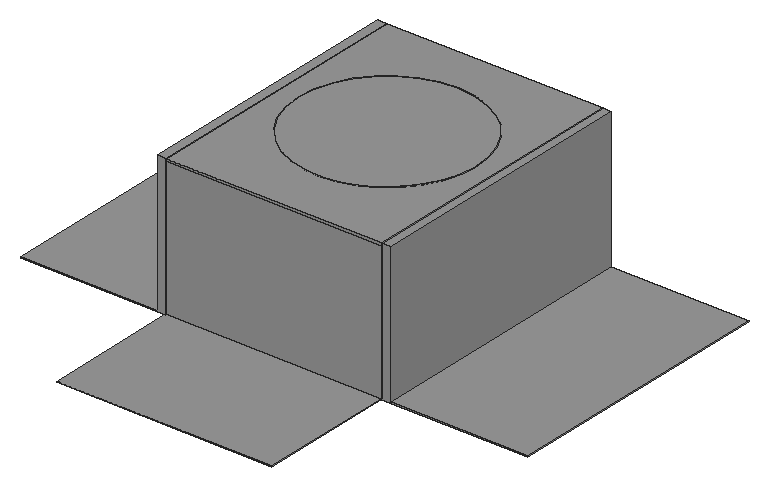
Revit family "OKA-G Anbaueinheit für GESR9, Höhe 40-240mm", category Generic Models, Revit 2015
Parameters (values of type "OKA-G A 40240R9")
  Width = 400 mm
  URL = "http://www.obo-bettermann.com"
  Material = Steel, Galvanized
  Manufacturer Art. No. = "7424004"
  Manufacturer = "OBO Bettermann"
  Length = 473 mm
  HeightCalc [instance] = if(Height < 40 mm, 40 mm, (if(Height > 240 mm, 240 mm, Height)))  # 240 mm
  Height [instance] = 500 mm
  GTIN = "4012195242949"
  Article Type = "OKA-G40040140"
Reference planes
  plane 1 "Center (Front/Back)": y = 0
  plane 2: z = 0
  plane 3 "Center (Left/Right)": x = 0
  plane 4: z = 240
  plane 5: y = -473
  plane 6: x = 200
  plane 7: x = -200
Forms (mm)
  Extrusion 1, solid, material "Aluminum 6061"
    sketch origin (0, 0, 0) x (1, 0, 0) y (0, 0, 1)
      loop
        line (185, 240) -> (185, 0) -> (435, 0) -> (435, 1) -> (200, 1) -> (200, 240) -> (185, 240)
      loop
        line (-200, 1) -> (-435, 1) -> (-435, 0) -> (-185, 0) -> (-185, 240) -> (-200, 240) -> (-200, 1)
    from 0 to 473
  Extrusion 2, solid, material "Steel, Galvanized" <- "Material"
    sketch origin (0, 0, 0) x (1, 0, 0) y (0, 0, 1)
      loop
        line (185, 236) -> (185, 240) -> (-185, 240) -> (-185, 236) -> (185, 236)
    from 0 to 473
  Extrusion 3, solid, material "Aluminum 6061"
    sketch origin (0, 0, 0) x (0, 1, 0) y (0, 0, 1)
      loop
        line (-473, 236) -> (-473, 1) -> (-708, 1) -> (-708, 0) -> (-458, 0) -> (-458, 236) -> (-473, 236)
    from -185 to 185
  Extrusion 4, void
    sketch origin (0, 0, 0) x (1, 0, 0) y (0, 1, 0)
      loop
        circle (0, -230) r 152.5
    from 0 to 250
  Extrusion 5, solid, material "Steel, Galvanized"
    sketch origin (0.391, -1.957, 0) x (1, 0, 0) y (0, 1, 0)
      loop
        circle (-0.391, -228.043) r 152.5
    from 236 to 240
Cuts and joins
  Extrusion 4 cuts Extrusion 2
Lines and regions (mm)
  model lines
    curve 1: line (-200, 0, 240) -> (-185, 0, 240)
    curve 2: line (-185, 0, 240) -> (-185, 0, 0)
    curve 3: line (-185, 0, 0) -> (-435, 0, 0)
    curve 4: line (-435, 0, 0) -> (-435, 0, 1)
    curve 5: line (-435, 0, 1) -> (-200, 0, 1)
    curve 6: line (-200, 0, 1) -> (-200, 0, 240)
    curve 7: line (185, 0, 240) -> (185, 0, 0)
    curve 8: line (185, 0, 0) -> (435, 0, 0)
    curve 9: line (435, 0, 0) -> (435, 0, 1)
    curve 10: line (435, 0, 1) -> (200, 0, 1)
    curve 11: line (200, 0, 1) -> (200, 0, 240)
    curve 12: line (200, 0, 240) -> (185, 0, 240)
    curve 13: line (185, 0, 240) -> (185, 0, 0)
    curve 14: line (-185, 0, 0) -> (-185, 0, 240)
    curve 15: line (-185, 0, 240) -> (185, 0, 240)
    curve 16: line (-185, 0, 236) -> (185, 0, 236)
Dimensions and locks
  locked: curve 5 to curve 3 at 1
  locked: curve 2 to curve 6 at 15
  locked: curve 10 to curve 8 at 1
  locked: curve 2 to curve 4 at 250
  locked: curve 9 to curve 7 at 250
  locked: curve 11 to curve 7 at 15
  "Length": plane 1 "Center (Front/Back)" to plane 5
  equal spacing: plane 7, plane 3 "Center (Left/Right)", plane 6
  "Width": plane 7 to plane 6
  "HeightCalc": level to plane 4
  locked: curve 16 to curve 15 at 4
  Extrusion 3 sketch curve to Extrusion 1 = 15 mm
  locked: Extrusion 3 sketch curve to Extrusion 3 sketch curve at 250
  locked: Extrusion 3 sketch curve to Extrusion 3 sketch curve at 1
  locked: cut or joined group of Extrusion 2, Extrusion 4 to Extrusion 4 sketch curve at 77.5
  diameter of Extrusion 4 sketch curve = 305 mm
  aligned and locked: level to plane 2
  aligned and locked: level to curve 3
  aligned and locked: curve 6 to plane 7
  aligned and locked: curve 11 to plane 6
  aligned and locked: plane 4 to curve 1
  aligned and locked: curve 8 to level
  aligned and locked: Extrusion 1 sketch curve to curve 13
  aligned and locked: Extrusion 1 sketch curve to curve 12
  aligned and locked: Extrusion 1 sketch curve to curve 11
  aligned and locked: Extrusion 1 sketch curve to curve 10
  aligned and locked: Extrusion 1 sketch curve to curve 9
  aligned and locked: Extrusion 1 sketch curve to curve 8
  aligned and locked: Extrusion 1 sketch curve to curve 6
  aligned and locked: Extrusion 1 sketch curve to curve 14
  aligned and locked: Extrusion 1 sketch curve to curve 1
  aligned and locked: Extrusion 1 sketch curve to curve 5
  aligned and locked: Extrusion 1 sketch curve to curve 3
  aligned and locked: Extrusion 1 sketch curve to curve 4
  aligned and locked: Extrusion 1 to plane 5
  aligned and locked: Extrusion 2 sketch curve to curve 16
  aligned and locked: Extrusion 2 sketch curve to curve 15
  aligned and locked: Extrusion 2 sketch curve to curve 2
  aligned and locked: Extrusion 2 sketch curve to curve 7
  aligned and locked: Extrusion 2 to plane 5
  aligned and locked: level to Extrusion 3 sketch curve
  aligned and locked: Extrusion 3 sketch curve to plane 5
  aligned and locked: Extrusion 3 to curve 1
  aligned and locked: Extrusion 3 to Extrusion 1
  aligned and locked: Extrusion 3 to Extrusion 2
  aligned and locked: Extrusion 5 sketch curve to cut or joined group of Extrusion 2, Extrusion 4
  aligned and locked: Extrusion 5 to curve 16
  aligned and locked: Extrusion 5 to curve 1
Automatic sketch dimensions
  Extrusion 3 sketch curve to plane 4 = 4 mm
  Extrusion 4 sketch curve to plane 3 "Center (Left/Right)" = 0 mm
